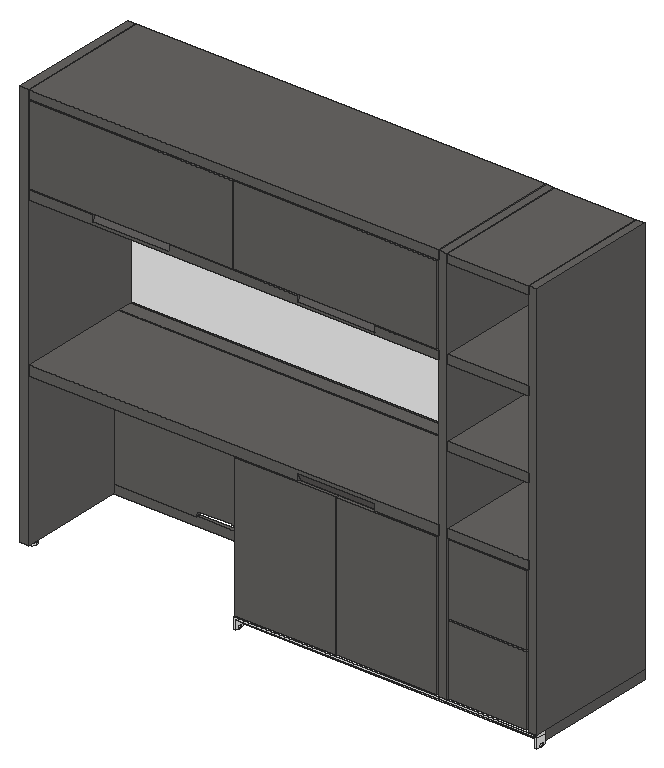
Revit family "Storage-Wall-Teknion-ZXRR_74_High_Without_Lights-R2011", category Furniture Systems, Revit 2013
Parameters (values of type "(See Type Catalog)")
  Working Wall Finish [instance] = Glass - Teknion - K6 - White Backpainted
  Width = 92.642"
  Warranty = "http://www.teknionstudio.com/pdfs/Teknion%20Studio%20Warranty.pdf"
  Wall Unit Finish [instance] = Veneer - Teknion - P7 - Grey Oak
  Unit Weight = 685.00 lbf
  URL = "www.teknionstudio.com"
  Tabletop Cutout Offset = if(Has Double Doors, 0", 4")  # 0"
  Storage Tower = Storage-Unit-Teknion-Tower : Upper Shelves & File/File Pedestal
  Series = "B&B Italia"
  Product Page URL = "http://www.teknionstudio.com/acexecutive/"
  Product Line = "AC Executive"
  Product Documentation Link = "http://www.teknionstudio.com/pricing/ac_executive_storage_walls_ppg.pdf"
  Part Number = "ZXRR"
  Model = ""
  Manufacturer Phone = "919-464-2920"
  Manufacturer Fax = "919-464-2927"
  Manufacturer Email = "customersupport@teknionstudio.com"
  Manufacturer Address = "3940 US 70 Business HWY West, Clayton, NC 27520"
  Manufacturer = "Teknion Studio"  # constant formula
  Low Emitting Material = yes
  Low Emitting Finish = yes
  Height = 73.81394"
  Has File File Drawers = not(Has Double Doors)  # no
  Has Double Doors = yes
  Description = ""
  Depth = 24"
  Assembly Code = "E2020200"
Reference planes (in)
  plane 1 "Center F/B": y = 0
  plane 2: z = 0
  plane 3 "Center L/R": x = 0
  plane 4 "Left": x = -46.321
  plane 5 "Right": x = 46.321
  plane 6 "Back": y = 12
  plane 7 "Front": y = -12
  plane 8 "Top": z = 73.81394
  plane 9: x = 28.60446
  plane 10: z = 29.68402
  plane 11: z = 56.1289
  plane 12: x = -44.7815
  plane 13: z = 2.1289
  plane 14: x = -8.08858
  plane 15 "Foot Centerline": y = -11.2126
  plane 16 "Tabletop Cutout": y = -12
  plane 17 "Foot Centerline Front": y = -10.22835
  plane 18 "Foot Centerline Back": y = 10.22835
  plane 19: y = -8.484
Forms (in)
  Sweep 1, solid, material "Veneer - Teknion - P7 - Grey Oak" <- "Wall Unit Finish"
    path origin (0, 0, 15.40683) x (-1, 0, 0) y (0, -1, 0)
      loop
        line (0, -12) -> (0, 12)
    profile origin (0, 0, 15.40683) x (1, 0, 0) y (0, 0, 1)
      loop
        line (-46.321, -14.81732) -> (-44.7815, -14.81732) -> (-44.7815, 58.4071) -> (-46.321, 58.4071) -> (-46.321, -14.81732)
  Sweep 2, solid, material "Metal - Teknion - C6 - Chrome"
    path origin (0, 0, 0) x (1, 0, 0) y (0, 0, 1)
      loop
        line (28.60446, 2.1289) -> (-8.08858, 2.1289) -> (-8.08858, 0.05803)
    profile origin (10.25794, 0, 2.1289) x (0, 0, -1) y (0, -1, 0)
      loop
        line (0, 12) -> (0, 10.4252) -> (0.394, 10.4252) -> (0.394, 12) -> (0, 12)
  Sweep 3, solid, material "Metal - Teknion - C6 - Chrome"
    path origin (0, 0, 0) x (1, 0, 0) y (0, 0, 1)
      loop
        line (-8.08858, 2.1289) -> (28.60446, 2.1289)
    profile origin (10.25794, 0, 2.1289) x (0, 0, 1) y (0, -1, 0)
      loop
        line (-0.394, 10.6222) -> (-1.5748, 10.6222) -> (-1.5748, 10.4252) -> (-0.394, 10.4252) -> (-0.394, 10.6222)
  Revolve 4, solid, material "Metal - Teknion - C6 - Chrome"
    sketch origin (0, -11.2126, 0) x (0, 0, -1) y (1, 0, 0)
      loop
        line (-0.4911, -7.89158) -> (-0.4911, -8.22623) -> (-0.45173, -8.2656) -> (-0.28492, -8.2656) -> (-0.24555, -8.22623) -> (-0.20618, -8.2656) -> (-0.03937, -8.2656) -> (0, -8.22623) -> (0, -7.89158) -> (-0.4911, -7.89158)
      axis (0, -7.89158) -> (-0.4911, -7.89158)
    angle from 0 to 360
  Sweep 5, solid, material "Veneer - Teknion - P7 - Grey Oak" <- "Wall Unit Finish"
    path origin (0, 0, 0) x (1, 0, 0) y (0, 0, 1)
      loop
        line (-44.7815, 29.68402) -> (28.60446, 29.68402)
    profile origin (-8.08852, 0, 29.68402) x (0, 0, 1) y (0, -1, 0)
      loop
        line (0, 12) -> (-1.7638, 12) -> (-1.7638, -7.11393) -> (-5.30827, -7.11393) -> (-5.30827, -7.08268) -> (-27.55512, -7.08268) -> (-27.55512, -7.11393) -> (-29.0945, -7.11393) -> (-29.0945, -7.80668) -> (-5.30828, -7.80668) -> (-5.30828, -12) -> (44.12992, -12) -> (44.12992, 12) -> (42.59022, 12) -> (42.59022, 11.2126) -> (27.98392, 11.2126) -> (27.98392, 12) -> (26.44488, 12) -> (26.44488, -10.94094) -> (0, -10.94094) -> (0, -10.90969) -> (-0.72441, -10.90969) -> (-0.72441, -10.56693) -> (0, -10.56693) -> (0, -8.05709) -> (-0.72441, -8.05709) -> (-0.72441, -7.80709) -> (0, -7.80709) -> (0, 12)
  Sweep 6, solid, material "Veneer - Teknion - P7 - Grey Oak" <- "Wall Unit Finish"
    path origin (0, 0, 0) x (1, 0, 0) y (0, 0, 1)
      loop
        line (-8.08858, 29.68402) -> (28.60446, 29.68402)
    profile origin (10.25794, 0, 29.68402) x (0, 0, 1) y (0, -1, 0)
      loop
        line (-1.7638, 11.27559) -> (-27.55512, 11.27559) -> (-27.55512, 10.4252) -> (-29.0945, 10.4252) -> (-29.0945, -12) -> (-1.7638, -12) -> (-1.7638, 11.27559)
  Sweep 7, solid, material "Veneer - Teknion - P7 - Grey Oak" <- "Wall Unit Finish"
    path origin (0, 0, 15.40683) x (-1, 0, 0) y (0, -1, 0)
      loop
        line (0, 12) -> (0, 11.276)
    profile origin (0, -11.638, 15.40683) x (-1, 0, 0) y (0, 0, 1)
      loop
        line (44.5315, 42.5111) -> (44.5315, 56.6174) -> (8.21358, 56.6174) -> (8.21358, 42.5111) -> (44.5315, 42.5111)
      loop
        line (7.96358, 56.6174) -> (-28.35446, 56.6174) -> (-28.35446, 42.5111) -> (7.96358, 42.5111) -> (7.96358, 56.6174)
  Sweep 8, solid, material "Veneer - Teknion - P7 - Grey Oak" <- "Wall Unit Finish", visible <- "Has Double Doors"
    path origin (0, 0, 15.40683) x (-1, 0, 0) y (0, -1, 0)
      loop
        line (0, 12) -> (0, 11.276)
    profile origin (0, -11.638, 15.40683) x (-1, 0, 0) y (0, 0, 1)
      loop
        line (7.83845, 12.26339) -> (-10.15274, 12.26339) -> (-10.15274, -13.03482) -> (7.83845, -13.03482) -> (7.83845, 12.26339)
      loop
        line (-10.40274, 12.26339) -> (-28.35446, 12.26339) -> (-28.35446, -13.03482) -> (-10.40274, -13.03482) -> (-10.40274, 12.26339)
  Sweep 9, solid, material "Veneer - Teknion - P7 - Grey Oak" <- "Wall Unit Finish", visible <- "Has File File Drawers"
    path origin (0, 0, 15.40683) x (-1, 0, 0) y (0, -1, 0)
      loop
        line (0, 12) -> (0, 11.276)
    profile origin (0, -11.638, 15.40683) x (-1, 0, 0) y (0, 0, 1)
      loop
        line (7.83845, 12.26339) -> (-28.35446, 12.26339) -> (-28.35446, 0.01144) -> (7.83845, 0.01144) -> (7.83845, 12.26339)
      loop
        line (-28.35446, -0.77597) -> (-28.35446, -13.03482) -> (7.83845, -13.03482) -> (7.83845, -0.77597) -> (-28.35446, -0.77597)
  Sweep 10, void
    path origin (0, 0, 0) x (1, 0, 0) y (0, 0, 1)
      loop
        line (3.38793, 29.68402) -> (17.16746, 29.68402)
    profile origin (10.27769, 0, 29.68402) x (0, 0, 1) y (0, -1, 0)
      loop
        line (-1.7638, 12) -> (-1.7638, 11.52756) -> (-0.66143, 12) -> (-1.7638, 12)
  Sweep 11, void
    path origin (0, 0, 0) x (1, 0, 0) y (0, 0, 1)
      loop
        line (-33.3248, 56.1289) -> (-19.54528, 56.1289)
    profile origin (-26.43504, 0, 56.1289) x (0, 0, 1) y (0, -1, 0)
      loop
        line (1.53937, 12) -> (0.43699, 12) -> (1.53937, 11.52755) -> (1.53937, 12)
  Sweep 12, void
    path origin (0, 0, 0) x (1, 0, 0) y (0, 0, 1)
      loop
        line (3.36811, 56.1289) -> (17.14764, 56.1289)
    profile origin (10.25787, 0, 56.1289) x (0, 0, 1) y (0, -1, 0)
      loop
        line (1.53937, 11.52755) -> (1.53937, 12) -> (0.43699, 12) -> (1.53937, 11.52755)
  Sweep 13, void
    path origin (0, 0, 15.40683) x (-1, 0, 0) y (0, -1, 0)
      loop
        line (0, -7.80668) -> (0, -7.08268)
    profile origin (0, 7.44468, 15.40683) x (1, 0, 0) y (0, 0, 1)
      loop
        line (-23.00984, 8.96892) -> (-29.89961, 8.96892) -> (-29.89961, 8.10396)
        arc (-29.89961, 8.10396) -> (-29.66898, 7.54718) -> (-29.1122, 7.31655) r 0.7874
        line (-29.1122, 7.31655) -> (-23.79724, 7.31655)
        arc (-23.79724, 7.31655) -> (-23.24047, 7.54718) -> (-23.00984, 8.10396) r 0.7874
        line (-23.00984, 8.10396) -> (-23.00984, 8.96892)
      loop
        line (-29.89961, -13.27793) -> (-23.00984, -13.27793) -> (-23.00984, -13.12045)
        arc (-23.00984, -13.12045) -> (-23.22894, -12.59152) -> (-23.75787, -12.37242) r 0.74803
        line (-23.75787, -12.37242) -> (-29.15157, -12.37242)
        arc (-29.15157, -12.37242) -> (-29.68051, -12.59152) -> (-29.89961, -13.12045) r 0.74803
        line (-29.89961, -13.12045) -> (-29.89961, -13.27793)
  Revolve 14, solid, material "Metal - Teknion - C6 - Chrome"
    sketch origin (0, -10.22835, 0) x (0, 0, 1) y (1, 0, 0)
      loop
        line (0, -45.55118) -> (0, -46.28917) -> (0.23622, -46.28917) -> (0.23622, -45.83352) -> (0.58951, -45.83352) -> (0.58951, -45.55118) -> (0, -45.55118)
      axis (0, -45.55118) -> (0.58951, -45.55118)
    angle from 0 to 360
  Revolve 15, solid, material "Metal - Teknion - C6 - Chrome"
    sketch origin (0, 10.22835, 0) x (0, 0, 1) y (1, 0, 0)
      loop
        line (0, -45.55118) -> (0, -46.28917) -> (0.23622, -46.28917) -> (0.23622, -45.83352) -> (0.58951, -45.83352) -> (0.58951, -45.55118) -> (0, -45.55118)
      axis (0, -45.55118) -> (0.58951, -45.55118)
    angle from 0 to 360
Cuts and joins
  joined: Sweep 2, Sweep 3, Revolve 4
  Sweep 10, Sweep 11, Sweep 12, Sweep 13 cuts Sweep 5
  joined: Sweep 5, Sweep 6
Lines and regions (in)
  Masking region 1
    outline origin (0, 0, 15.40683) x (-1, 0, 0) y (0, -1, 0)
      loop
        line (46.321, -12) -> (46.321, 12) -> (-28.60446, 12) -> (-28.60446, -12) -> (46.321, -12)
  symbolic lines, style "Elevation Swing"
    curve 1: line (-44.7815, -12, 57.66827) -> (-26.43504, -12, 72.02424)
    curve 2: line (-8.08858, -12, 57.66832) -> (-26.43504, -12, 72.02424)
    curve 3: line (-8.08858, 0, 57.66832) -> (10.25794, 0, 72.19583)
    curve 4: line (10.25794, 0, 72.19583) -> (28.60446, 0, 57.66827)
  symbolic lines, detail levels medium+fine
    curve 5: line (-44.7815, 12, 15.40683) -> (-44.7815, -12, 15.40683)
  symbolic lines, style "FurnitureSystemsHiddenLines", detail levels fine
    curve 6: line (28.60446, -11.276, 15.40683) -> (-44.7815, -11.276, 15.40683)
    curve 7: line (-8.08858, 12, 15.40683) -> (-8.08858, -12, 15.40683)
  symbolic lines, style "Elevation Swing", visible <- "Has Double Doors"
    curve 8: line (10.15274, 0, 27.67022) -> (-7.83845, 0, 15.02111)
    curve 9: line (10.15274, 0, 2.37201) -> (-7.83845, 0, 15.02111)
    curve 10: line (10.40274, 0, 2.37201) -> (28.35446, 0, 15.02111)
    curve 11: line (28.35446, 0, 15.02111) -> (10.40274, 0, 27.67022)
  symbolic lines, visible <- "Has Double Doors"
    curve 12: arc (10.25794, -12, 15.40683) -> (15.63151, -24.97295, 15.40683) -> (28.60446, -30.34652, 15.40683) r 18.34652
    curve 13: arc (-8.08858, -30.34652, 15.40683) -> (4.88437, -24.97295, 15.40683) -> (10.25794, -12, 15.40683) r 18.34652
    curve 14: line (-8.08858, -12, 15.40683) -> (-8.08858, -30.34652, 15.40683)
    curve 15: line (28.60446, -12, 15.40683) -> (28.60446, -30.34652, 15.40683)
Dimensions and locks (in)
  equal spacing: plane 4 "Left", plane 3 "Center L/R", plane 5 "Right"
  "Width": plane 4 "Left" to plane 5 "Right"
  equal spacing: plane 6 "Back", plane 1 "Center F/B", plane 7 "Front"
  "Depth": plane 6 "Back" to plane 7 "Front"
  locked: plane 9 to plane 5 "Right" at 17.71654
  "Height": plane 8 "Top" to plane 2
  locked: plane 10 to plane 2 at 29.68402
  locked: plane 11 to plane 10 at 26.44488
  locked: plane 13 to plane 2 at 2.1289
  locked: Sweep 2 sketch curve to plane 2 at 0.05803
  locked: plane 13 to Sweep 3 sketch curve at 0.394
  locked: Sweep 3 sketch curve to Sweep 3 sketch curve at 1.1808
  plane 7 "Front" to Sweep 3 sketch curve to Sweep 3 sketch curve = 1.3778" locked, 0.197" locked
  locked: Revolve 4 sketch curve to plane 2 at 0.4911
  locked: plane 14 to Revolve 4 sketch curve at 0.17702  (x2)
  Revolve 4 sketch curve to Revolve 4 sketch curve to Revolve 4 sketch curve to Revolve 4 sketch curve to Revolve 4 sketch curve to plane 2 = 0.16681" locked, 0.03937" locked, 0.03937" locked, 0.16681" locked, 0.03937" locked
  locked: Revolve 4 sketch curve to plane 14 at 0.197
  locked: plane 7 "Front" to plane 15 "Foot Centerline" at 0.7874
  locked: plane 13 to Sweep 5 sketch curve at 1.53939
  locked: plane 10 to Sweep 5 sketch curve at 1.7638
  locked: Sweep 1 sketch curve to plane 2 at 0.58951
  Sweep 6 sketch curve to Sweep 6 sketch curve to plane 6 "Back" = 23.27559", 0"
  locked: plane 10 to Sweep 6 sketch curve at 1.7638
  locked: plane 7 "Front" to Sweep 6 sketch curve at 1.5748
  locked: plane 14 to plane 3 "Center L/R" at 8.08858
  locked: plane 7 "Front" to Sweep 7 sketch curve at 0.724
  plane 8 "Top" to Sweep 7 sketch curve to Sweep 7 sketch curve = 1.7897", 14.1063"  (x2)
  Sweep 7 sketch curve to plane 3 "Center L/R" to Sweep 7 sketch curve to Sweep 7 sketch curve to Sweep 7 sketch curve = 28.35446", 7.96358", 1/4", 36.31791"
  locked: plane 7 "Front" to Sweep 8 sketch curve at 0.724
  locked: plane 10 to Sweep 8 sketch curve at 2.0138  (x2)
  locked: Sweep 8 sketch curve to Sweep 8 sketch curve at 25.29821  (x2)
  Sweep 8 sketch curve to Sweep 8 sketch curve to Sweep 8 sketch curve to Sweep 8 sketch curve to plane 12 = 17.95173" locked, 1/4" locked, 17.99118" locked, 36.94305" locked
  locked: plane 7 "Front" to Sweep 9 sketch curve at 0.724
  plane 10 to Sweep 9 sketch curve to Sweep 9 sketch curve to Sweep 9 sketch curve to Sweep 9 sketch curve = 2.0138" locked, 12.25195" locked, 0.7874" locked, 12.25886" locked
  Sweep 9 sketch curve to Sweep 9 sketch curve to plane 14 = 36.19291" locked, 0.25013" locked  (x2)
  Sweep 10 sketch curve to Sweep 10 sketch curve to plane 14 = 13.77953" locked, 11.47651" locked
  locked: plane 10 to Sweep 10 sketch curve at 1.7638
  locked: plane 16 "Tabletop Cutout" to Sweep 10 sketch curve at 0.47244
  "Tabletop Cutout Offset": plane 16 "Tabletop Cutout" to plane 7 "Front"
  Sweep 11 sketch curve to Sweep 11 sketch curve to plane 4 "Left" = 13.77953" locked, 12.9962" locked
  locked: Sweep 11 sketch curve to plane 11 at 1.53937
  locked: Sweep 11 sketch curve to plane 11 at 0.43699
  locked: plane 7 "Front" to Sweep 11 sketch curve at 0.47245
  Sweep 12 sketch curve to Sweep 12 sketch curve to plane 11 = 1.10238" locked, 0.43699" locked
  locked: plane 7 "Front" to Sweep 12 sketch curve at 0.47245
  locked: Sweep 13 sketch curve to plane 13 at 0.90551
  plane 14 to Sweep 13 sketch curve to Sweep 13 sketch curve = 14.92126" locked, 6.88976" locked  (x2)
  plane 10 to Sweep 13 sketch curve to Sweep 13 sketch curve = 5.30827" locked, 1 167/256" locked
  plane 6 "Back" to Sweep 13 sketch curve to Sweep 13 sketch curve = 4.19332" locked, 0.724" locked
  locked: Revolve 14 sketch curve to plane 4 "Left" at 0.76982
  Revolve 14 sketch curve to Revolve 14 sketch curve to plane 2 = 0.35329" locked, 0.23622" locked
  locked: Revolve 14 sketch curve to plane 4 "Left" at 0.03183
  locked: Revolve 15 sketch curve to plane 4 "Left" at 0.76982
  Revolve 15 sketch curve to Revolve 15 sketch curve to plane 2 = 0.35329" locked, 0.23622" locked
  locked: Revolve 15 sketch curve to plane 4 "Left" at 0.03183
  equal spacing: plane 14, curve 2, plane 12
  equal spacing: plane 9, curve 4, plane 14
  locked: plane 7 "Front" to curve 6 at 0.724
  locked: plane 6 "Back" to plane 18 "Foot Centerline Back" at 1.77165
  locked: plane 7 "Front" to plane 17 "Foot Centerline Front" at 1.77165
  locked: plane 4 "Left" to plane 12 at 1.5395
  plane 12 to plane 14 = 36.69291"
  locked: plane 7 "Front" to plane 19 at 3.516
  locked: plane 13 to Sweep 2 sketch curve at 0.394
  locked: plane 7 "Front" to Sweep 2 sketch curve at 1.5748
  aligned and locked: level to plane 2
  aligned and locked: nested 1 to plane 5 "Right"
  aligned and locked: plane 6 "Back" to Sweep 1 sketch curve
  aligned and locked: plane 7 "Front" to Sweep 1 sketch curve
  aligned and locked: Sweep 1 sketch curve to plane 3 "Center L/R"
  aligned and locked: Sweep 1 sketch curve to plane 8 "Top"
  aligned and locked: plane 4 "Left" to Sweep 1 sketch curve  (x2)
  aligned and locked: Sweep 2 sketch curve to plane 13  (x2)
  aligned and locked: Sweep 3 sketch curve to plane 13
  aligned and locked: plane 2 to Revolve 4 sketch curve
  aligned and locked: Revolve 4 sketch curve to plane 2
  aligned and locked: plane 12 to Sweep 5 sketch curve
  aligned and locked: plane 9 to Sweep 5 sketch curve
  aligned and locked: Sweep 5 sketch curve to plane 10  (x4)
  aligned and locked: Sweep 5 sketch curve to plane 7 "Front"
  aligned and locked: plane 6 "Back" to Sweep 5 sketch curve
  aligned and locked: Sweep 6 sketch curve to plane 10
  aligned and locked: plane 13 to Sweep 6 sketch curve
  aligned and locked: plane 3 "Center L/R" to Sweep 7 sketch curve
  aligned and locked: plane 7 "Front" to Sweep 7 sketch curve
  aligned and locked: Sweep 5 sketch curve to plane 11
  aligned and locked: plane 3 "Center L/R" to Sweep 8 sketch curve
  aligned and locked: plane 7 "Front" to Sweep 8 sketch curve
  aligned and locked: plane 7 "Front" to Sweep 9 sketch curve
  aligned and locked: plane 3 "Center L/R" to Sweep 9 sketch curve
  aligned and locked: Sweep 10 sketch curve to plane 10
  aligned and locked: plane 16 "Tabletop Cutout" to Sweep 10 sketch curve
  aligned and locked: Sweep 11 sketch curve to plane 11
  aligned and locked: Sweep 12 sketch curve to plane 11
  aligned and locked: Sweep 12 sketch curve to plane 7 "Front"
  aligned and locked: Sweep 13 sketch curve to plane 3 "Center L/R"
  aligned and locked: Sweep 13 sketch curve to plane 13
  aligned and locked: plane 2 to Revolve 14 sketch curve
  aligned and locked: Revolve 15 sketch curve to plane 2
  aligned and locked: plane 12 to curve 1
  aligned and locked: plane 14 to curve 2
  aligned and locked: Sweep 7 to curve 2
  aligned and locked: plane 9 to curve 4
  aligned and locked: plane 14 to curve 3
  aligned and locked: plane 6 "Back" to curve 5
  aligned and locked: plane 7 "Front" to curve 5
  aligned and locked: plane 9 to curve 6
  aligned and locked: plane 6 "Back" to curve 7
  aligned and locked: plane 7 "Front" to curve 7
  aligned and locked: plane 7 "Front" to Sweep 11 sketch curve
  aligned and locked: Sweep 5 sketch curve to plane 8 "Top"
  aligned and locked: plane 15 "Foot Centerline" to Sweep 5 sketch curve
  aligned and locked: plane 7 "Front" to Sweep 5 sketch curve  (x2)
  aligned and locked: plane 2 to nested 1
  aligned and locked: plane 1 "Center F/B" to nested 1
  aligned and locked: plane 9 to Sweep 6 sketch curve
  aligned and locked: plane 14 to Sweep 6 sketch curve
  aligned and locked: plane 9 to Sweep 2 sketch curve
  aligned and locked: plane 14 to Sweep 3 sketch curve
  aligned and locked: plane 9 to Sweep 3 sketch curve
  aligned and locked: curve 7 to curve 14
  aligned and locked: curve 15 to plane 9
  aligned and locked: plane 7 "Front" to curve 15
  aligned and locked: plane 7 "Front" to curve 12
  aligned and locked: Sweep 2 sketch curve to plane 7 "Front"
  aligned and locked: plane 4 "Left" to Masking region 1 sketch curve
  aligned and locked: Masking region 1 sketch curve to plane 6 "Back"
  aligned and locked: Masking region 1 sketch curve to plane 9
  aligned and locked: Masking region 1 sketch curve to plane 7 "Front"
  aligned and locked: Sweep 8 to curve 8
  aligned and locked: Sweep 8 to curve 9  (x2)
  aligned and locked: curve 10 to Sweep 8
  aligned and locked: curve 11 to Sweep 8
  aligned and locked: Sweep 8 to curve 11
Automatic sketch dimensions
  Sweep 1 sketch curve to Sweep 1 sketch curve = 1.5395"
  Sweep 2 sketch curve to plane 3 "Center L/R" = 8.08858"
  Sweep 6 sketch curve to Sweep 6 sketch curve = 1.53939"
  profile plane to Sweep 10 sketch curve = 0.66143"
  plane 3 "Center L/R" to Sweep 12 sketch curve = 3.36811"
  Sweep 12 sketch curve to plane 9 = 11.45683"
  Sweep 13 sketch curve to Sweep 13 sketch curve = 0.7874"  (x2)
  Sweep 13 sketch curve to Sweep 13 sketch curve = 0.15748"  (x2)
  Revolve 14 sketch curve to level = 0"
  Revolve 14 sketch curve to Revolve 14 sketch curve = 0"  (x2)
  Revolve 14 sketch curve to Revolve 14 sketch curve = 0.28234"
  Revolve 15 sketch curve to level = 0"
  Revolve 15 sketch curve to Revolve 15 sketch curve = 0"  (x2)
  Revolve 15 sketch curve to Revolve 15 sketch curve = 0.28234"
  plane 11 to curve 2 = 1.53942"
  plane 11 to curve 1 = 1.53937"
  Sweep 5 sketch curve to Sweep 5 sketch curve = 1.53939"
  profile plane to Sweep 5 sketch curve = 5.30828"
  Sweep 5 sketch curve to Sweep 5 sketch curve = 0"
  Sweep 5 sketch curve to Sweep 5 sketch curve = 0.72441"  (x2)
  Sweep 5 sketch curve to Sweep 5 sketch curve = 1.5397"
  Sweep 5 sketch curve to Sweep 5 sketch curve = 1.05906"
  Sweep 5 sketch curve to Sweep 5 sketch curve = 1/32"  (x2)
  Sweep 5 sketch curve to Sweep 5 sketch curve = 0.34277"
  Sweep 5 sketch curve to Sweep 5 sketch curve = 2.50984"
  Sweep 5 sketch curve to Sweep 5 sketch curve = 1/4"
  Sweep 5 sketch curve to plane 1 "Center F/B" = 7.80668"
  Sweep 5 sketch curve to Sweep 5 sketch curve = 0.69316"
  Sweep 5 sketch curve to Sweep 5 sketch curve = 0.69275"
  Sweep 5 sketch curve to Sweep 5 sketch curve = 1.53904"
  plane 3 "Center L/R" to curve 9 = 10.15274"
  curve 8 to plane 10 = 2.0138"
  curve 9 to curve 10 = 1/4"
  curve 11 to plane 9 = 1/4"
  plane 13 to curve 10 = 12.89222"
  plane 13 to curve 9 = 12.89222"
  plane 11 to curve 4 = 1.53937"
  plane 11 to curve 3 = 1.53942"
  curve 3 to plane 8 "Top" = 1.61811"
  Revolve 4 sketch curve to Revolve 4 sketch curve = 0"  (x2)
  Revolve 4 sketch curve to Revolve 4 sketch curve = 0.03937"  (x2)
  curve 13 to plane 14 = 0"
  curve 5 to plane 12 = 0"
  plane 3 "Center L/R" to curve 12 = 10.25794"
  curve 13 to curve 12 = 0"
  Sweep 2 sketch curve to Sweep 2 sketch curve = 1.5748"
Nested families (in)
  nested 1: "Storage-Unit-Teknion-Tower" at (37.46273, 0, 0), type <- "Storage Tower", Height <- "Height", type "Upper Shelves & File/File Pedestal"
    with Height 73.81394", Has Top Shelf no, Bottom Drawer Height 13.047"
Definition of nested family "Storage-Unit-Teknion-Tower"
  Parameters (values of type "Upper Wardrobe & Lower Door")
    Width = 17.71654"
    Warranty = "http://www.teknionstudio.com/pdfs/Teknion%20Studio%20Warranty.pdf"
    Wall Unit Finish = Veneer - Teknion - P8 - Light Brushed Oak
    URL = "www.teknionstudio.com"
    Series = "B&B Italia"
    Product Line = "AC Executive"
    Model = ""
    Middle Drawer Height = if(Has Top Drawer, 6.425", 12.719")  # 12.719"
    Manufacturer Phone = "919-464-2920"
    Manufacturer Fax = "919-464-2927"
    Manufacturer Email = "customersupport@teknionstudio.com"
    Manufacturer Address = "3940 US 70 Business HWY West, Clayton, NC 27520"
    Manufacturer = "Teknion Studio"  # constant formula
    Height [instance] = 73.81394"
    Has Top Shelf [instance] = and(Height > 75", Has Shelves)  # no
    Has Top Drawer = no
    Has Top Door = yes
    Has Shelves = no
    Has Right Leg = yes
    Has Middle Drawer = no
    Has Lower Shelf = yes
    Has Left Leg = no
    Has Full Wardrobe Door = no
    Has Doors = yes
    Door Projection Symbol = yes
    Description = "Tower Storage Unit"
    Depth = 24"
    Bottom Drawer Height [instance] = if(Has Middle Drawer, 13.047", if(Has Top Drawer, 13.047", if(Has Full Wardrobe Door, (Height - 3.668"), 26.016")))  # 26.016"
    Assembly Code = "E2010200"
  Types (7): name | Wall Unit Finish | Series | Product Line | Middle Drawer Height | Has Top Drawer | Has Top Door | Has Shelves | Has Middle Drawer | Has Lower Shelf | Has Full Wardrobe Door | Has Doors | Door Projection Symbol | Bottom Drawer Height
    Upper Shelves & Lower Door | none | "AC Executive" | "" | 12.719" | no | no | yes | no | yes | no | yes | yes | 26.016"
    Upper Shelves & File/File Pedestal | none | "AC Executive" | "" | 12.719" | no | no | yes | yes | yes | no | no | no | 13.047"
    Upper Shelves & Box/Box/File Pedestal | Veneer - Teknion - P8 - Light Brushed Oak | "AC Executive" | "" | 6.425" | yes | no | yes | yes | yes | yes | no | no | 13.047"
    Full Wardrobe | none | "AC Executive" | "" | 12.719" | no | no | no | no | no | yes | yes | yes | 70.14594"
    Upper Wardrobe & Lower Door | Veneer - Teknion - P8 - Light Brushed Oak | "B&B Italia" | "AC Executive" | 12.719" | no | yes | no | no | yes | no | yes | yes | 26.016"
    Upper Wardrobe & File/File Pedestal | none | "AC Executive" | "" | 12.719" | no | yes | no | yes | yes | no | no | yes | 13.047"
    Upper Wardrobe & Box/Box/File Pedestal | none | "AC Executive" | "" | 6.425" | yes | yes | no | yes | yes | no | no | yes | 13.047"
  Reference planes (in)
    plane 1 "Center F/B": y = 0
    plane 2: z = 0
    plane 3 "Center L/R": x = 0
    plane 4 "Left": x = -8.85827
    plane 5 "Right": x = 8.85827
    plane 6 "Back": y = 12
    plane 7 "Front": y = -12
    plane 8 "Top": z = 73.81394
    plane 9: x = -7.3189
    plane 10: x = 7.3189
    plane 11: z = 2.1289
    plane 12 "Foot Centerline": y = -11.2126
    plane 13: z = 29.68402
    plane 14 "Drawer 1 Top": z = 28.1449
    plane 15 "Drawer 2 Top": z = 40.8639
    plane 16 "Drawer 3 Top": z = 27.89502
    plane 17: z = 42.13677
  Forms (in)
    Sweep 1, solid, material "Metal - Teknion - C6 - Chrome", visible <- "Has Left Leg"
      path origin (0, -12, 0) x (1, 0, 0) y (0, 0, 1)
        loop
          line (-8.85827, 1.7349) -> (-8.85827, 0.05803)
      profile origin (-8.85827, -12, 0.89646) x (0, -1, 0) y (1, 0, 0)
        loop
          line (-1.5748, 0) -> (0, 0) -> (0, 0.394) -> (-1.5748, 0.394) -> (-1.5748, 0)
    Sweep 2, solid, material "Metal - Teknion - C6 - Chrome"
      path origin (0, -12, 0) x (1, 0, 0) y (0, 0, 1)
        loop
          line (-8.85827, 2.1289) -> (8.46427, 2.1289)
      profile origin (-0.197, -12, 2.1289) x (0, 0, 1) y (0, -1, 0)
        loop
          line (-0.394, -1.5748) -> (-0.394, -1.3778) -> (-1.575, -1.3778) -> (-1.575, -1.5748) -> (-0.394, -1.5748)
    Revolve 3, solid, material "Metal - Teknion - C6 - Chrome"
      sketch origin (0, -11.2126, 0) x (0, 0, -1) y (1, 0, 0)
        loop
          line (-0.4911, 8.32677) -> (-0.45173, 8.2874) -> (-0.28492, 8.2874) -> (-0.24555, 8.32677) -> (-0.20618, 8.2874) -> (-0.03937, 8.2874) -> (0, 8.32677) -> (0, 8.66142) -> (-0.4911, 8.66142) -> (-0.4911, 8.32677)
        axis (0, 8.66142) -> (-0.4911, 8.66142)
      angle from 0 to 360
    Revolve 4, solid, material "Metal - Teknion - C6 - Chrome", visible <- "Has Left Leg"
      sketch origin (0, -11.2126, 0) x (0, 0, -1) y (1, 0, 0)
        loop
          line (0, -8.99606) -> (0, -8.66142) -> (-0.4911, -8.66142) -> (-0.4911, -8.99606) -> (-0.45173, -9.03543) -> (-0.28492, -9.03543) -> (-0.24555, -8.99606) -> (-0.20618, -9.03543) -> (-0.03937, -9.03543) -> (0, -8.99606)
        axis (0, -8.66142) -> (-0.4911, -8.66142)
      angle from 0 to 360
    Sweep 5, solid, material "Veneer - Teknion - P8 - Light Brushed Oak" <- "Wall Unit Finish"
      path origin (0, 0, 0) x (1, 0, 0) y (0, 0, 1)
        loop
          line (0, 2.1289) -> (0, 73.81394)
      profile origin (0, 0, 37.97142) x (-1, 0, 0) y (0, -1, 0)
        loop
          line (8.85827, -12) -> (8.85827, 12) -> (7.3189, 12) -> (7.3189, -12) -> (8.85827, -12)
        loop
          line (-7.3189, 12) -> (-8.85827, 12) -> (-8.85827, -12) -> (-7.3189, -12) -> (-7.3189, 12)
    Sweep 6, solid, material "Veneer - Teknion - P8 - Light Brushed Oak" <- "Wall Unit Finish"
      path origin (0, 0, 15.40683) x (-1, 0, 0) y (0, -1, 0)
        loop
          line (0, -12) -> (0, 12)
      profile origin (0, 0, 15.40683) x (1, 0, 0) y (0, 0, 1)
        loop
          line (-7.3189, 58.4071) -> (-7.3189, 56.86773) -> (7.3189, 56.86773) -> (7.3189, 58.4071) -> (-7.3189, 58.4071)
    Sweep 7, solid, material "Veneer - Teknion - P8 - Light Brushed Oak" <- "Wall Unit Finish"
      path origin (0, -12, 0) x (1, 0, 0) y (0, 0, 1)
        loop
          line (0, 2.1289) -> (0, 72.27457)
      profile origin (0, -12, 37.20173) x (-1, 0, 0) y (0, -1, 0)
        loop
          line (7.3189, -24) -> (7.3189, -23.25) -> (-7.3189, -23.25) -> (-7.3189, -24) -> (7.3189, -24)
    Sweep 8, solid, material "Veneer - Teknion - P8 - Light Brushed Oak" <- "Wall Unit Finish", visible <- "Has Lower Shelf"
      path origin (0, -12, 0) x (1, 0, 0) y (0, 0, 1)
        loop
          line (-7.3189, 29.68402) -> (7.3189, 29.68402)
      profile origin (0, -12, 29.68402) x (0, 0, 1) y (0, -1, 0)
        loop
          line (0, 0) -> (-1.539, 0) -> (-1.539, -0.724) -> (-27.55512, -0.724) -> (-27.55512, -23.25) -> (0, -23.25) -> (0, 0)
    Sweep 9, solid, material "Veneer - Teknion - P8 - Light Brushed Oak" <- "Wall Unit Finish"
      path origin (0, -12, 0) x (1, 0, 0) y (0, 0, 1)
        loop
          line (0, 2.3789) -> (0, 27.8949)
      profile origin (0, -12, 15.1369) x (-1, 0, 0) y (0, -1, 0)
        loop
          line (7.0689, -0.724) -> (7.0689, 0) -> (-7.0689, 0) -> (-7.0689, -0.724) -> (7.0689, -0.724)
    Sweep 10, solid, material "Veneer - Teknion - P8 - Light Brushed Oak" <- "Wall Unit Finish", visible <- "Has Middle Drawer"
      path origin (0, -12, 0) x (1, 0, 0) y (0, 0, 1)
        loop
          line (0, 28.1449) -> (0, 40.8639)
      profile origin (0, -12, 34.5044) x (-1, 0, 0) y (0, -1, 0)
        loop
          line (7.0689, -0.724) -> (7.0689, 0) -> (-7.0689, 0) -> (-7.0689, -0.724) -> (7.0689, -0.724)
    Sweep 11, solid, material "Veneer - Teknion - P8 - Light Brushed Oak" <- "Wall Unit Finish", visible <- "Has Top Drawer"
      path origin (0, -12, 0) x (1, 0, 0) y (0, 0, 1)
        loop
          line (0, 47.15802) -> (0, 41.1139)
      profile origin (0, -12, 44.13596) x (0, -1, 0) y (1, 0, 0)
        loop
          line (0, 7.0689) -> (-0.724, 7.0689) -> (-0.724, -7.0689) -> (0, -7.0689) -> (0, 7.0689)
    Sweep 12, solid, material "Veneer - Teknion - P8 - Light Brushed Oak" <- "Wall Unit Finish", visible <- "Has Shelves"
      path origin (0, -12, 0) x (1, 0, 0) y (0, 0, 1)
        loop
          line (0, 42.13677) -> (0, 43.67614)
      profile origin (0, -12, 42.90646) x (-1, 0, 0) y (0, -1, 0)
        loop
          line (7.3189, -23.25) -> (7.3189, 0) -> (-7.3189, 0) -> (-7.3189, -23.25) -> (7.3189, -23.25)
    Sweep 13, solid, material "Veneer - Teknion - P8 - Light Brushed Oak" <- "Wall Unit Finish", visible <- "Has Shelves"
      path origin (0, -12, 13.9918) x (1, 0, 0) y (0, 0, 1)
        loop
          line (0, 42.13677) -> (0, 43.67614)
      profile origin (0, -12, 56.89825) x (-1, 0, 0) y (0, -1, 0)
        loop
          line (7.3189, -23.25) -> (7.3189, 0) -> (-7.3189, 0) -> (-7.3189, -23.25) -> (7.3189, -23.25)
    Sweep 14, solid, material "Veneer - Teknion - P8 - Light Brushed Oak" <- "Wall Unit Finish", visible <- "Has Top Door"
      path origin (0, -12, 0) x (1, 0, 0) y (0, 0, 1)
        loop
          line (0, 29.93402) -> (0, 72.02457)
      profile origin (0, -12, 50.97929) x (-1, 0, 0) y (0, -1, 0)
        loop
          line (7.0689, -0.724) -> (7.0689, 0) -> (-7.0689, 0) -> (-7.0689, -0.724) -> (7.0689, -0.724)
    Sweep 15, solid, material "Veneer - Teknion - P8 - Light Brushed Oak" <- "Wall Unit Finish"
      path origin (0, -12, 0) x (1, 0, 0) y (0, 0, 1)
        loop
          line (-8.85827, 2.1289) -> (8.85827, 2.1289)
      profile origin (0, -12, 2.1289) x (0, 0, 1) y (0, -1, 0)
        loop
          line (0, -1.5748) -> (-1.53937, -1.5748) -> (-1.53937, -24) -> (0, -24) -> (0, -1.5748)
    Sweep 16, solid, material "Veneer - Teknion - P8 - Light Brushed Oak" <- "Wall Unit Finish", visible <- "Has Top Shelf"
      path origin (0, 0, 0) x (1, 0, 0) y (0, 0, 1)
        loop
          line (0, 73.81394) -> (0, 72.27457)
      profile origin (0, 0, 73.04425) x (0, -1, 0) y (1, 0, 0)
        loop
          line (-11.25, -7.3189) -> (12, -7.3189) -> (12, 7.3189) -> (-11.25, 7.3189) -> (-11.25, -7.3189)
    Sweep 17, solid, material "Metal - Teknion - C6 - Chrome"
      path origin (0, 0, 0) x (1, 0, 0) y (0, 0, 1)
        loop
          line (-8.85827, 2.1289) -> (8.85827, 2.1289)
      profile origin (0, 0, 2.1289) x (0, 0, 1) y (0, -1, 0)
        loop
          line (0, 10.4252) -> (0, 12) -> (-0.394, 12) -> (-0.394, 10.4252) -> (0, 10.4252)
    Sweep 18, solid, material "Metal - Teknion - C6 - Chrome"
      path origin (0, 0, 0) x (1, 0, 0) y (0, 0, 1)
        loop
          line (8.85827, 1.7349) -> (8.85827, 0.05803)
      profile origin (8.85827, 0, 0.89646) x (0, -1, 0) y (1, 0, 0)
        loop
          line (10.4252, -0.394) -> (12, -0.394) -> (12, 0) -> (10.4252, 0) -> (10.4252, -0.394)
  Lines and regions (in)
    Masking region 1
      outline origin (0, 0, 15.40683) x (-1, 0, 0) y (0, -1, 0)
        loop
          line (8.85827, -12) -> (8.85827, 12) -> (-8.85827, 12) -> (-8.85827, -12) -> (8.85827, -12)
    symbolic lines, style "FurnitureSystems", detail levels medium+fine
      curve 1: line (-7.3189, 12, 15.40683) -> (-7.3189, -12, 15.40683)
      curve 2: line (7.3189, 12, 15.40683) -> (7.3189, -12, 15.40683)
    symbolic lines, style "FurnitureSystemsHiddenLines", detail levels fine
      curve 3: line (-7.3189, -11.276, 15.40683) -> (7.3189, -11.276, 15.40683)
    symbolic lines, style "Elevation Swing", visible <- "Has Doors"
      curve 4: line (-7.3189, -12, 2.1289) -> (7.3189, -12, 15.1369)
      curve 5: line (7.3189, -12, 15.1369) -> (-7.3189, -12, 28.1449)
    symbolic lines, style "Elevation Swing", visible <- "Has Top Door"
      curve 6: line (-7.3189, -12, 29.68402) -> (7.3189, -12, 50.97929)
      curve 7: line (7.3189, -12, 50.97929) -> (-7.3189, -12, 72.27457)
    symbolic lines, style "FurnitureSystems", visible <- "Door Projection Symbol"
      curve 8: arc (-7.3189, -12, 0) -> (-3.03159, -22.35048, 0) -> (7.3189, -26.6378, 0) r 14.6378
    symbolic lines, visible <- "Door Projection Symbol"
      curve 9: line (7.3189, -12, 15.40683) -> (7.3189, -26.6378, 15.40683)
  Dimensions and locks (in)
    equal spacing: plane 4 "Left", plane 3 "Center L/R", plane 5 "Right"
    "Width": plane 4 "Left" to plane 5 "Right"
    equal spacing: plane 6 "Back", plane 1 "Center F/B", plane 7 "Front"
    "Depth": plane 6 "Back" to plane 7 "Front"
    locked: plane 4 "Left" to plane 9 at 1.53937
    locked: plane 10 to plane 5 "Right" at 1.53937
    "Height": plane 8 "Top" to level
    locked: Sweep 1 sketch curve to level at 0.05803
    locked: plane 11 to plane 2 at 2.1289
    plane 11 to Sweep 2 sketch curve to Sweep 2 sketch curve = 0.394" locked, 1.181" locked
    plane 7 "Front" to Sweep 2 sketch curve to Sweep 2 sketch curve = 1.3778" locked, 0.197" locked
    locked: Revolve 3 sketch curve to plane 2 at 0.4911  (x2)
    locked: plane 5 "Right" to Revolve 3 sketch curve at 0.57087
    locked: plane 7 "Front" to plane 12 "Foot Centerline" at 0.7874
    Revolve 3 sketch curve to Revolve 3 sketch curve to Revolve 3 sketch curve to Revolve 3 sketch curve to plane 2 = 0.16681" locked, 0.07874" locked, 0.16681" locked, 0.03937" locked
    locked: Revolve 4 sketch curve to plane 2 at 0.4911  (x2)
    locked: Revolve 4 sketch curve to Revolve 4 sketch curve at 0.37402
    Revolve 4 sketch curve to Revolve 4 sketch curve to Revolve 4 sketch curve to Revolve 4 sketch curve to plane 2 = 0.16681" locked, 0.07874" locked, 0.16681" locked, 0.03937" locked
    locked: Revolve 4 sketch curve to plane 4 "Left" at 0.19685
    locked: plane 8 "Top" to Sweep 6 sketch curve at 1.53937
    locked: plane 8 "Top" to Sweep 7 sketch curve at 1.53937
    locked: plane 6 "Back" to Sweep 7 sketch curve at 0.75
    locked: plane 13 to plane 2 at 29.68402
    locked: plane 7 "Front" to Sweep 8 sketch curve at 0.724
    locked: plane 13 to Sweep 8 sketch curve at 1.539
    locked: plane 13 to plane 16 "Drawer 3 Top" at 1.789
    "Bottom Drawer Height": plane 14 "Drawer 1 Top" to plane 11
    "Middle Drawer Height": plane 15 "Drawer 2 Top" to plane 14 "Drawer 1 Top"
    locked: plane 14 "Drawer 1 Top" to Sweep 9 sketch curve at 0.25
    locked: plane 7 "Front" to Sweep 9 sketch curve at 0.724
    locked: Sweep 10 sketch curve to plane 12 "Foot Centerline" at 0.0634
    locked: plane 7 "Front" to Sweep 11 sketch curve at 0.724
    locked: plane 17 to plane 13 at 12.45276
    group 1 to group 2 = 0"  (x2)
    group 1 to group 2 = 13.9918"
    locked: Sweep 13 to plane 17 at 13.9918
    locked: plane 8 "Top" to Sweep 14 sketch curve at 1.78937
    locked: Sweep 14 sketch curve to plane 13 at 0.25
    locked: plane 7 "Front" to Sweep 14 sketch curve at 0.724
    locked: plane 11 to Sweep 15 sketch curve at 1.53937
    locked: plane 7 "Front" to Sweep 15 sketch curve at 1.5748
    equal spacing: Sweep 6, curve 7, plane 13
    equal spacing: plane 14 "Drawer 1 Top", curve 5, plane 11
    locked: plane 6 "Back" to Sweep 16 sketch curve at 0.75
    Sweep 16 sketch curve to Sweep 16 sketch curve to plane 2 = 1.53937" locked, 72.27457" locked
    locked: Sweep 9 sketch curve to plane 11 at 0.25
    locked: plane 9 to Sweep 9 sketch curve at 0.25
    locked: Sweep 9 sketch curve to plane 10 at 0.25
    locked: Sweep 11 sketch curve to plane 15 "Drawer 2 Top" at 0.25
    locked: plane 9 to Sweep 11 sketch curve at 0.25
    locked: Sweep 11 sketch curve to plane 10 at 0.25
    locked: Sweep 10 sketch curve to plane 10 at 0.25
    locked: plane 9 to Sweep 10 sketch curve at 0.25
    locked: Sweep 11 sketch curve to Sweep 11 sketch curve at 6.04412
    locked: Sweep 14 sketch curve to plane 10 at 0.25
    locked: plane 9 to Sweep 14 sketch curve at 0.25
    locked: plane 4 "Left" to Sweep 1 sketch curve at 0.394
    locked: plane 7 "Front" to Sweep 1 sketch curve at 1.5748
    locked: plane 11 to Sweep 1 sketch curve at 0.394
    locked: Sweep 17 sketch curve to plane 7 "Front" at 1.5748
    locked: plane 11 to Sweep 17 sketch curve at 0.394
    locked: Sweep 18 sketch curve to plane 2 at 0.05803
    locked: Sweep 18 sketch curve to plane 5 "Right" at 0.394
    locked: plane 7 "Front" to Sweep 18 sketch curve at 1.5748
    locked: plane 11 to Sweep 18 sketch curve at 0.394
    locked: plane 5 "Right" to Sweep 2 sketch curve at 0.394
    aligned and locked: level to plane 2
    aligned and locked: Sweep 1 sketch curve to plane 4 "Left"
    aligned and locked: Sweep 2 sketch curve to plane 11
    aligned and locked: plane 2 to Revolve 3 sketch curve
    aligned and locked: Revolve 3 sketch curve to plane 2
    aligned and locked: plane 2 to Revolve 4 sketch curve
    aligned and locked: Revolve 4 sketch curve to plane 2
    aligned and locked: plane 8 "Top" to Sweep 5 sketch curve
    aligned and locked: plane 11 to Sweep 5 sketch curve
    aligned and locked: plane 3 "Center L/R" to Sweep 5 sketch curve
    aligned and locked: Sweep 5 sketch curve to plane 6 "Back"
    aligned and locked: plane 6 "Back" to Sweep 5 sketch curve
    aligned and locked: Sweep 5 sketch curve to plane 10
    aligned and locked: plane 5 "Right" to Sweep 5 sketch curve
    aligned and locked: Sweep 5 sketch curve to plane 9
    aligned and locked: plane 4 "Left" to Sweep 5 sketch curve
    aligned and locked: Sweep 5 sketch curve to plane 7 "Front"
    aligned and locked: plane 7 "Front" to Sweep 5 sketch curve
    aligned and locked: plane 6 "Back" to Sweep 6 sketch curve
    aligned and locked: plane 7 "Front" to Sweep 6 sketch curve
    aligned and locked: Sweep 6 sketch curve to plane 3 "Center L/R"
    aligned and locked: plane 9 to Sweep 6 sketch curve
    aligned and locked: Sweep 6 sketch curve to plane 8 "Top"
    aligned and locked: Sweep 6 sketch curve to plane 10
    aligned and locked: plane 11 to Sweep 7 sketch curve
    aligned and locked: plane 3 "Center L/R" to Sweep 7 sketch curve
    aligned and locked: plane 9 to Sweep 7 sketch curve
    aligned and locked: Sweep 7 sketch curve to plane 10
    aligned and locked: Sweep 7 sketch curve to plane 6 "Back"
    aligned and locked: plane 9 to Sweep 8 sketch curve
    aligned and locked: plane 10 to Sweep 8 sketch curve
    aligned and locked: Sweep 8 sketch curve to plane 13  (x2)
    aligned and locked: plane 7 "Front" to Sweep 8 sketch curve
    aligned and locked: Sweep 8 sketch curve to plane 11
    aligned and locked: plane 3 "Center L/R" to Sweep 9 sketch curve
    aligned and locked: Sweep 9 sketch curve to plane 7 "Front"
    aligned and locked: plane 15 "Drawer 2 Top" to Sweep 10 sketch curve
    aligned and locked: plane 14 "Drawer 1 Top" to Sweep 10 sketch curve
    aligned and locked: plane 3 "Center L/R" to Sweep 10 sketch curve
    aligned and locked: plane 7 "Front" to Sweep 10 sketch curve
    aligned and locked: Sweep 11 sketch curve to plane 3 "Center L/R"
    aligned and locked: Sweep 11 sketch curve to plane 7 "Front"
    aligned and locked: Sweep 13 to plane 9
    aligned and locked: plane 3 "Center L/R" to Sweep 14 sketch curve
    aligned and locked: Sweep 14 sketch curve to plane 7 "Front"
    aligned and locked: plane 4 "Left" to Sweep 15 sketch curve
    aligned and locked: plane 5 "Right" to Sweep 15 sketch curve
    aligned and locked: Sweep 15 sketch curve to plane 11  (x2)
    aligned and locked: Sweep 15 sketch curve to plane 6 "Back"
    aligned and locked: plane 4 "Left" to Masking region 1 sketch curve
    aligned and locked: Masking region 1 sketch curve to plane 6 "Back"
    aligned and locked: Masking region 1 sketch curve to plane 5 "Right"
    aligned and locked: Masking region 1 sketch curve to plane 7 "Front"
    aligned and locked: plane 6 "Back" to curve 1
    aligned and locked: curve 1 to plane 9
    aligned and locked: plane 7 "Front" to curve 2
    aligned and locked: plane 6 "Back" to curve 2
    aligned and locked: curve 2 to plane 10
    aligned and locked: plane 9 to curve 3
    aligned and locked: plane 10 to curve 3
    aligned and locked: curve 3 to Sweep 14
    aligned and locked: plane 11 to curve 4
    aligned and locked: plane 9 to curve 4
    aligned and locked: plane 10 to curve 5
    aligned and locked: plane 9 to curve 5
    aligned and locked: plane 14 "Drawer 1 Top" to curve 5
    aligned and locked: plane 13 to curve 6
    aligned and locked: plane 9 to curve 6
    aligned and locked: plane 9 to curve 7
    aligned and locked: curve 7 to Sweep 6
    aligned and locked: plane 7 "Front" to curve 8
    aligned and locked: curve 8 to plane 10
    aligned and locked: Sweep 16 sketch curve to plane 3 "Center L/R"
    aligned and locked: plane 9 to Sweep 16 sketch curve
    aligned and locked: Sweep 16 sketch curve to plane 10
    aligned and locked: Sweep 16 sketch curve to plane 7 "Front"
    aligned and locked: plane 4 "Left" to Sweep 17 sketch curve
    aligned and locked: plane 5 "Right" to Sweep 17 sketch curve
    aligned and locked: Sweep 17 sketch curve to plane 11  (x2)
    aligned and locked: Sweep 17 sketch curve to plane 7 "Front"
    aligned and locked: Sweep 18 sketch curve to plane 5 "Right"  (x2)
    aligned and locked: Sweep 18 sketch curve to plane 7 "Front"
    aligned and locked: plane 4 "Left" to Sweep 2 sketch curve
  Automatic sketch dimensions
    Revolve 3 sketch curve to Revolve 3 sketch curve = 0.03937"  (x3)
    Revolve 3 sketch curve to Revolve 3 sketch curve = 0"  (x2)
    Revolve 3 sketch curve to plane 5 "Right" = 0.19685"
    Revolve 4 sketch curve to Revolve 4 sketch curve = 0.03937"  (x3)
    Revolve 4 sketch curve to Revolve 4 sketch curve = 0"  (x2)
    Sweep 12 sketch curve to Sweep 12 sketch curve = 1.53937"
    profile plane to Sweep 12 sketch curve = 0"
    profile plane to Sweep 12 sketch curve = 7.3189"
    Sweep 12 sketch curve to profile plane = 7.3189"
    Sweep 12 sketch curve to profile plane = 23 1/4"
    Sweep 13 sketch curve to Sweep 13 sketch curve = 1.53937"
    profile plane to Sweep 13 sketch curve = 0"
    profile plane to Sweep 13 sketch curve = 7.3189"
    Sweep 13 sketch curve to profile plane = 7.3189"
    Sweep 13 sketch curve to profile plane = 23 1/4"
    Sweep 8 sketch curve to Sweep 8 sketch curve = 22.526"
    curve 7 to plane 10 = 0"
    curve 8 to plane 9 = 0"
    plane 7 "Front" to curve 1 = 0"
    plane 7 "Front" to curve 9 = 14.6378"
    Sweep 1 sketch curve to profile plane = 0"
    plane 7 "Front" to Sweep 1 sketch curve = 0"
